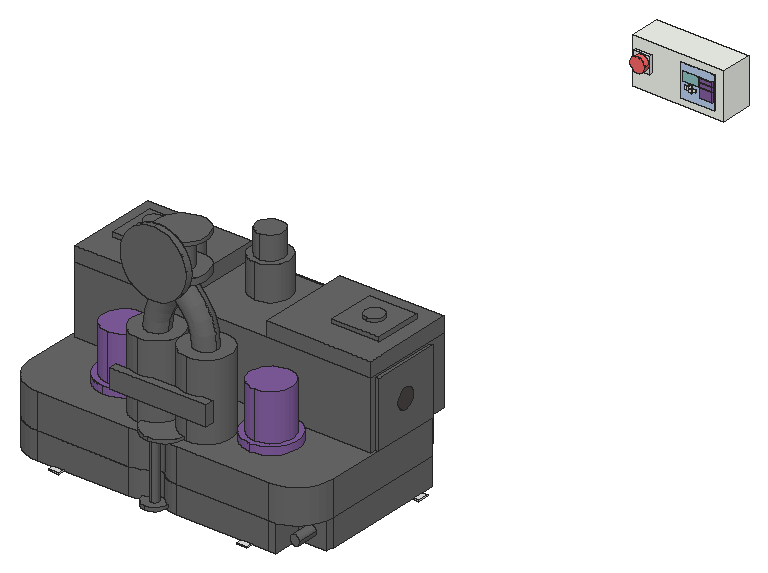
Revit family "11067", category Generic Models, Revit 2021
Family settings
  Can host rebar = No
  Round Connector Dimension = Use Diameter
  Part Type = Normal
  Work Plane-Based = No
  Always vertical = Yes
  Cut with Voids When Loaded = No
  Shared = Yes
  Room Calculation Point = No
Parameters (values of type "11067")
  SUPPLIER = "KESSEL"
  SA700ID49 = "Protection Class I"
  SA700ID48 = "no"
  SA700ID47 = "no"
  SA700ID46 = "yes"
  SA700ID37 = 20000 mm
  SA700ID34 = 55
  SA700ID33 = 4.2 W
  SA700ID32 = 200.52 kg
  SA700ID31 = 1
  SA700ID30 = 2
  SA700ID29 = "GLRD"
  SA700ID21 = 2000
  SA700ID10 = "yes"
  SA700ID08 = 400 V
  PROCUREWEBLINK = "https://p.caden.as/kessel/11067"
  PROCURELINK = "p.caden.as/kessel/11067"
  PROCUREDATALASTUPDATE = "2024-05-22T12:17:48.516129505+01:00"
  PREVIEW = "../../bilder/ksb_w_11067.png"
  PRC_SPECIFICATIONLINK = "https://ausschreiben.de/catalog/kessel/catalogItem/4204a793-b760-46c7-8641-476c7bca954c"
  NN = "Lifting station Aqualift F XL"
  NBSYN = "$SA810ID03."
  NB = "11067"
  Model = "11067"
  Manufacturer = "KESSEL"
  MIdent = "{$CADENAS_DATA/23d-libs/kessel/kessel_vdi_import/4/entwaesserung/hebeanlage20aqualift20f20xl.prj},200 {STYP=ASS},{VTYP=3D},{NB=11067},{LINA=11067},{NN=Lifting station Aqualift F XL},{DATE=21.11.2022 10:48:11},{GEOMDATE=21.11.2022 10:48:11},{VERSION=},{LINEID=60},{WBVAR=LODLEVEL},{WBNUMERIC=LODLEVEL}  {NB=11067},{LINA=11067},{KT=DUMMY},{PREVIEW=../../bilder/ksb_w_11067.png},{SA700ID04=Hebeanlage Aqualift F XL 300 l, Duo, SPF 4500-S3, Gussschieber},{SA810ID06=04026092057346},{SA700ID34=55.00},{SA010ID03=201805},{SA810ID03=11067},{SA810ID10=Aqualift F XL 4500W-S3 Duo 300L m.S.G.KESSEL Aqualift F XL Hebeanlage für fäkalienhaltiges und fäkalienfreies Abwasser. Zur Aufstellung in frostgeschützten Räumen.Duoanlage mit zwei Pumpen des Typs SPF 4500-S3 Sammelbehälter aus Polyethylen, mit verschraubter Reinigungsöffnung, Anschlussstutzen für Zulauf von oben DN100/150.Inklusive Tauchrohr zur pneumatischen Niveauerfassung,Entlüftungsanschluss DN 70 und Anschluss für eine Handmembranpumpe DN 32.Behälter inklusive Haltewinkel zur Auftriebssicherung.Behältervolumen 300 Liter, max. Nutzvolumen bei Zulauf von oben ca. 175 Liter.Zwei seitliche und drei rückseitige Anbohrflächen zur Montage weiterer Zuläufe bis DN 200 unter Verwendung von Durchgangsdichtungen.Inklusive KESSEL Schaltgerät Aqualift Comfort 400 V.Anwenderfreundliche Menüführung im mehrzeiligem Display. MitSelbstdiagnosesystem (SDS) und Erinnerungsfunktion für nächste Wartung.Anzeige der aktuellen Messwerte. Einfache Einstellung derfunktionsrelevanten Parameter, inklusive Betriebsstundenzähler und potentialfreiem Kontakt. Optionale Weiterleitung von Alarm- und Sammelstörmeldung über GSM Schnittstelle.Schaltgerät mit Volltextanzeige in sechs Sprachen.Abwasserpumpe(n) mit Freistromrad zur Förderung von fäkalienfreiem und fäkalienhaltigem Abwasser gemäß DIN EN 12050-1. Freier Kugeldurchgang mindestens 40 mm. Pumpe(n) überflutungssicher.Inklusive Rückflussverhinderer, mit Druckabgang aus Grauguss DN 80. nach DIN 2501. Inklusive einem Absperrschieber.Pumpe(n) Typ SPF 4500-S3Fördermenge: max. 56 m³/hFörderhöhe: max. 20 mNennleistung (P2): 3,7 KW je PumpeAufnahmeleistung (P1): 4,5 KW je PumpeBetriebsspannung: 400 V DSNennfrequenz: 50 HzNennstrom: 7,4 AAbsicherung: 3 x C 25 ASchutzart (Pumpe): IP68 3mWS/48hSchutzart (Schaltgerät): IP 65Bertiebsart: S3 (50 % Einschaltdauer)Kabellänge: 5 mAußenmaße Anlage mit 300 Liter Behälter (BxTxH): 1260 x 760 x 770 mmGewicht ca. 200,52 kg},{SA700ID37=20.00},{SA700ID33=4.20},{SA700ID08=400},{SA700ID30=2},{SA700ID32=200.52},{SA700ID49=Schutzklasse I},{SA700ID50=intern},{SA200ID03=6},{SA250ID03=vertikal},{SA260ID03=Trockenläuferpumpe},{SA350ID03=normalansaugend},{SA400ID03=E-Motor für Drehstrom},{SA460ID03=direkt},{SA500ID03=Kunststoff, Edelstahl},{SA700ID06=80},{SA700ID07=100},{SA700ID09=3/N/PE 400V},{SA700ID10=Ja},{SA700ID11=50},{SA700ID12=IP 68},{SA700ID13=F},{SA700ID15=40},{SA700ID21=2000.00},{SA700ID22=3.50},{SA700ID23=2850},{SA700ID24=2850},{SA700ID26=7.50},{SA700ID27=56.00},{SA700ID28=durchgehend},{SA700ID29=GLRD},{SA700ID31=1},{SA700ID46=ja},{SA700ID47=nein},{SA700ID48=nein},{SA110ID04=Hebeanlage Aqualift F XL},{SA300ID03=einstufig},{SA700ID44=10.00},{SA700ID45=10.00},{SA010ID04=KESSEL AG},{LODLEVEL=200},{LINK=https://www.kessel.de/info?han=11067},{SA970ID01=970},{SA970ID02=7178},{SA970ID03=11067},{SA970ID04=11002617},{SA970ID05=QUAD},{SA970ID06=-655.51},{SA970ID07=-650},{SA970ID08=0},{SA970ID09=1},{SA970ID10=0},{SA970ID11=0},{SA970ID12=0},{SA970ID13=1},{SA970ID14=0},{SA970ID15=1311.02},{SA970ID16=800},{SA970ID17=1037.75},{LODLEVEL_=200,'Low'},{LODLEVEL_DEU=200,'Low'},{LINK_=https://www.kessel.de/info?han=11067},{LINK_DEU=https://www.kessel.de/info?han=11067},{LODLEVEL_3DB=11067_200},{DNIN1=100},{DNIN2=70},{DNIN4=10},{DNIN5=10},{DNIN6=50},{DNIN7=50},{DNIN8=50},{DNIN9=50},{DNOUT1=32},{DNOUT2=100},{DNOUT3=70},{ISD1=96},{ISD2=10},{ISDOUT1=40},{ISDOUT2=85},{ISDOUT3=65},{SA010ID01=010},{SA010ID02=4},{SA010ID06=www.kessel.de},{SA010ID07=www.kessel.de},{SA010ID12=20180713},{SA010ID13=DEU},{SA010ID14=DE},{SA100ID01=100},{SA100ID02=4},{SA100ID04=Entwässerung},{SA110ID01=110},{SA110ID02=6},{SA200ID01=200},{SA200ID02=6},{SA250ID01=250},{SA250ID02=2},{SA260ID01=260},{SA260ID02=2},{SA300ID01=300},{SA300ID02=1},{SA350ID01=350},{SA350ID02=1},{SA400ID01=400},{SA400ID02=2},{SA460ID01=460},{SA460ID02=1},{SA500ID01=500},{SA500ID02=1},{SA700ID01=700},{SA700ID02=61},{SA700ID10_=1},{SA700ID16=0},{SA700ID25=0},{SA700ID46_=1},{SA700ID47_=0},{SA700ID48_=0},{SA700ID49_=1},{SA700ID50_=2},{SA800ID01=800},{SA800ID02=25},{SA810ID01=810},{SA810ID02=61},{SA810ID04=11067},{SA810ID07=61},{SA810ID09=1},{SA810ID14=PCE},{SA810ID15=1},{SA810ID16=NMP},{SA960ID03=61},{SA960ID04=3L},{SA960ID08=https://www.kessel.de/info?han=11067},{SA010ID08=4026092000007},{SA100ID05=Hebeanlage},{SA110ID06=Hebeanlage}"
  LINK = "https://www.kessel.de/info?han=11067"
  LINA = "11067"
  Default Elevation = 0 mm
  CREATOR = "CADENAS GmbH"
  CATALOG = "KESSEL"
  BOMINFO = "LINA"
  ARTICLENO = "NB"
  4.810.00.9 Order quantity (multiplicator) = "1"
  4.810.00.7 Media- connection number = "61"
  4.810.00.6 GTIN number = "04026092057346"
  4.810.00.4 DATANORM number = "11067"
  4.810.00.3 Producer order number = "11067"
  4.710.03.7 Mass (net) = 200.52 kg
  4.710.03.6 Height = 1042 mm
  4.710.03.5 Width = 889 mm
  4.710.03.4 Length = 1260 mm
  4.710.03.3 Type of dimensions = "2"
  4.710.02.8 Area of application of wastewater pump = "1"
  4.710.02.7 Art des S2/S3-Betriebs = "50 %"
  4.710.02.6 Duty type = "S3"
  4.710.02.5 Cutting device = "0"
  4.710.02.4 Attached pump control = "1"
  4.710.02.3 Free passage = 40 mm
  4.710.01.6 Option to connect to building automation = "40"
  4.710.01.5 Load regulation = "0"
  4.710.01.4 Designation of closed-loop control = "175"
  4.710.01.3 Identifier for closed-loop control = "300"
  4.700.00.9 Voltage = 0
  4.700.00.8 Nominal connection size on suction side = "100"
  4.700.00.7 Nominal connection size on pressure side = "100"
  4.700.00.6 Type of connection = "80"
  4.700.00.4 Product indentification = "Hebeanlage Aqualift F XL 300 l, Duo, SPF 4500-S3, Gussschieber"
  4.700.00.28 Motor pump shaft = "durchgehend"
  4.700.00.27 Starting current = 56
  4.700.00.26 Maximum power consumption per pump / drive = 7.5
  4.700.00.25 Minimum speed at internal speed adjustment = 0
  4.700.00.24 Nominal speed / maximum speed n = 47.5
  4.700.00.23 Nominal speed of motor = 47.5
  4.700.00.22 Maximum shaft output (P2) per pump/drive = 3.5 W
  4.700.00.16 Maximum temperature of pumped medium = 0 °C
  4.700.00.15 Increased safety class = "40 °C"
  4.700.00.13 Type of protection = "F"
  4.700.00.12 Frequency = 0
  4.700.00.11 Stern-/Dreieck-Anlaufschaltung bei Dreiphasenanschluss oder Drehstrom = "50 Hz"
  4.700.00.10 Phase = "1"
  4.500.00.3 Variant / Variant type / Accessories-name = "Kunststoff, Edelstahl"
  4.460.00.3 Variant / Variant type / Accessories-name = "direkt"
  4.400.00.3 Variant / Variant type / Accessories-name = "E-Motor für Drehstrom"
  4.350.00.3 Variant / Variant type / Accessories-name = "normalansaugend"
  4.300.00.3 Variant / Variant type / Accessories-name = "einstufig"
  4.260.00.3 Variant / Variant type / Accessories-name = "Trockenläuferpumpe"
  4.250.00.3 Variant / Variant type / Accessories-name = "vertikal"
  4.200.00.3 Variant / Variant type / Accessories-name = "6"
  4.110.00.6 Product classification = "Hebeanlage"
  4.110.00.4 Product indentification = "Hebeanlage Aqualift F XL"
  4.100.00.5 Main groups of wares = "Hebeanlage"
  4.100.00.4 Product indentification = "Entwässerung"
  4.010.00.8 Producer ID number = "4026092000007"
  4.010.00.7 Comment = "www.kessel.de"
  4.010.00.6 Web address of the manufacturer = "www.kessel.de"
  4.010.00.4 Manufacturer name = "KESSEL AG"
  4.010.00.3 Date of issuance (month) of guideline = "201805"
  4.010.00.2 Sheet number of the guideline = "4"
  4.010.00.14 Kennungen der Projektländer, für die die Datei gültig ist = "DE"
  4.010.00.13 Sprache der Datei = "DEU"
  4.010.00.12 Stand des Herstellerkatalogs = "20180713"
Reference planes
  plane 1 "Center (Front/Back)": y = 0
  plane 2: z = 0
  plane 3 "Center (Left/Right)": x = 0
Dimensions and locks
  aligned and locked: level to plane 2
Nested families
  nested 1: "11067_content" at (0, 0, 0), type "11067_Content"
  nested 2: "11067_part1_X0Y0" at (1000, 1000, 1200), type "11067_PART1_X0Y0"
  nested 3: "11067_part2_X0Y0" at (0, 0, 0), type "11067_PART2_X0Y0"
Connectors
  electrical at (861, 933, 1201.5)
    settings: on nested 2, index 1, voltage 0 V, apparent load 0 VA, apparent load phase1 0 VA, apparent load phase2 0 VA, apparent load phase3 0 VA, power factor 1, load classification "Other", number of poles 1, system type 31, power factor state 1, is connector primary yes, connector utility no, sub classification motor no, connector description ""
  piping at (0, 0, 771), diameter 100
    settings: on nested 3, index 2, connector inside diameter 609.6 mm, connector length 0 mm, flow factor 0, pipe flow 0.0 L/s, pressure drop 0.0 Pa, fitting loss kfactor 0, connector angle 0.00°, fixture units 0, engagement length 0 mm, angle of deflection 0.00°, flow configuration 0, flow direction 1, fitting loss method 2, system type 8, joint type 0, gender type 0, connector reference index -1, connector utility 0, adjustable connector no, is connector primary yes, connector description ""
  piping at (631, -84.999, 392), diameter 70
    settings: on nested 3, index 3, connector inside diameter 609.6 mm, connector length 0 mm, flow factor 0, pipe flow 0.0 L/s, pressure drop 0.0 Pa, fitting loss kfactor 0, connector angle 0.00°, fixture units 0, engagement length 0 mm, angle of deflection 0.00°, flow configuration 0, flow direction 0, fitting loss method 2, system type 8, joint type 0, gender type 0, connector reference index -1, connector utility 0, adjustable connector no, is connector primary no, connector description ""
  piping at (358.7, 150.5, 392), diameter 70
    settings: on nested 3, index 4, connector inside diameter 609.6 mm, connector length 0 mm, flow factor 0, pipe flow 0.0 L/s, pressure drop 0.0 Pa, fitting loss kfactor 0, connector angle 0.00°, fixture units 0, engagement length 0 mm, angle of deflection 0.00°, flow configuration 0, flow direction 0, fitting loss method 2, system type 8, joint type 0, gender type 0, connector reference index -1, connector utility 0, adjustable connector no, is connector primary no, connector description ""
  piping at (0, 150.5, 392), diameter 70
    settings: on nested 3, index 5, connector inside diameter 609.6 mm, connector length 0 mm, flow factor 0, pipe flow 0.0 L/s, pressure drop 0.0 Pa, fitting loss kfactor 0, connector angle 0.00°, fixture units 0, engagement length 0 mm, angle of deflection 0.00°, flow configuration 0, flow direction 0, fitting loss method 2, system type 8, joint type 0, gender type 0, connector reference index -1, connector utility 0, adjustable connector no, is connector primary no, connector description ""
  piping at (-357.7, 150.5, 392), diameter 70
    settings: on nested 3, index 6, connector inside diameter 609.6 mm, connector length 0 mm, flow factor 0, pipe flow 0.0 L/s, pressure drop 0.0 Pa, fitting loss kfactor 0, connector angle 0.00°, fixture units 0, engagement length 0 mm, angle of deflection 0.00°, flow configuration 0, flow direction 0, fitting loss method 2, system type 8, joint type 0, gender type 0, connector reference index -1, connector utility 0, adjustable connector no, is connector primary no, connector description ""
  piping at (-630, -85, 392), diameter 70
    settings: on nested 3, index 7, connector inside diameter 609.6 mm, connector length 0 mm, flow factor 0, pipe flow 0.0 L/s, pressure drop 0.0 Pa, fitting loss kfactor 0, connector angle 0.00°, fixture units 0, engagement length 0 mm, angle of deflection 0.00°, flow configuration 0, flow direction 0, fitting loss method 2, system type 8, joint type 0, gender type 0, connector reference index -1, connector utility 0, adjustable connector no, is connector primary no, connector description ""
  piping at (0, -460, 970), diameter 85
    settings: on nested 3, index 8, connector inside diameter 609.6 mm, connector length 0 mm, flow factor 0, pipe flow 0.0 L/s, pressure drop 0.0 Pa, fitting loss kfactor 0, connector angle 0.00°, fixture units 0, engagement length 0 mm, angle of deflection 0.00°, flow configuration 0, flow direction 2, fitting loss method 2, system type 7, joint type 0, gender type 0, connector reference index -1, connector utility 0, adjustable connector no, is connector primary no, connector description ""
  piping at (-269.5, -60, 681), diameter 70
    settings: on nested 3, index 9, connector inside diameter 609.6 mm, connector length 0 mm, flow factor 0, pipe flow 0.0 L/s, pressure drop 0.0 Pa, fitting loss kfactor 0, connector angle 0.00°, fixture units 0, engagement length 0 mm, angle of deflection 0.00°, flow configuration 0, flow direction 2, fitting loss method 2, system type 7, joint type 0, gender type 0, connector reference index -1, connector utility 0, adjustable connector no, is connector primary no, connector description ""
  piping at (565, -575.5, 56), diameter 32
    settings: on nested 3, index 10, connector inside diameter 609.6 mm, connector length 0 mm, flow factor 0, pipe flow 0.0 L/s, pressure drop 0.0 Pa, fitting loss kfactor 0, connector angle 0.00°, fixture units 0, engagement length 0 mm, angle of deflection 0.00°, flow configuration 0, flow direction 2, fitting loss method 2, system type 7, joint type 0, gender type 0, connector reference index -1, connector utility 0, adjustable connector no, is connector primary no, connector description ""
  electrical at (305.4, -376.25, 477)
    settings: on nested 3, index 11, voltage 0 V, apparent load 0 VA, apparent load phase1 0 VA, apparent load phase2 0 VA, apparent load phase3 0 VA, power factor 1, load classification "Other", number of poles 1, system type 31, power factor state 1, is connector primary no, connector utility no, sub classification motor no, connector description ""
  electrical at (-305.4, -376.25, 477)
    settings: on nested 3, index 12, voltage 0 V, apparent load 0 VA, apparent load phase1 0 VA, apparent load phase2 0 VA, apparent load phase3 0 VA, power factor 1, load classification "Other", number of poles 1, system type 31, power factor state 1, is connector primary no, connector utility no, sub classification motor no, connector description ""
  electrical at (-457, -29.5, 650)
    settings: on nested 3, index 13, voltage 0 V, apparent load 0 VA, apparent load phase1 0 VA, apparent load phase2 0 VA, apparent load phase3 0 VA, power factor 1, load classification "Other", number of poles 1, system type 31, power factor state 1, is connector primary no, connector utility no, sub classification motor no, connector description ""
Definition of nested family "11067_part1_X0Y0"
  Parameters (values of type "11067_PART1_X0Y0")
    SUPPLIER = "KESSEL"
    SA700ID49 = "Protection Class I"
    SA700ID48 = "no"
    SA700ID47 = "no"
    SA700ID46 = "yes"
    SA700ID37 = 20000 mm
    SA700ID34 = 55
    SA700ID33 = 4.2 W
    SA700ID32 = 200.52 kg
    SA700ID31 = 1
    SA700ID30 = 2
    SA700ID29 = "GLRD"
    SA700ID21 = 2000
    SA700ID10 = "yes"
    SA700ID08 = 400 V
    PREVIEW = "../../bilder/ksb_w_11067.png"
    NBSYN = "$SA810ID03._PART1"
    NB = "11067_PART1"
    Model = "11067_PART1"
    Manufacturer = "KESSEL"
    MIdent = "{$CADENAS_DATA/23d-libs/kessel/kessel_vdi_import/4/entwaesserung/hebeanlage20aqualift20f20xl.prj},220 {VTYP=3D},{NB=11067_PART1},{LINA=11067_PART1},{NN=Lifting station Aqualift F XL_PART1},{NOPRJ=TRUE},{DATE=21.11.2022 10:48:11},{GEOMDATE=21.11.2022 10:48:11},{VERSION=},{LINEID=60},{WBVAR=LODLEVEL},{WBNUMERIC=LODLEVEL}  {NB=11067_PART1},{LINA=11067_PART1},{KT=DUMMY},{PREVIEW=../../bilder/ksb_w_11067.png},{SA700ID04=Hebeanlage Aqualift F XL 300 l, Duo, SPF 4500-S3, Gussschieber},{SA810ID06=04026092057346},{SA700ID34=55.00},{SA010ID03=201805},{SA810ID03=11067},{SA810ID10=Aqualift F XL 4500W-S3 Duo 300L m.S.G.KESSEL Aqualift F XL Hebeanlage für fäkalienhaltiges und fäkalienfreies Abwasser. Zur Aufstellung in frostgeschützten Räumen.Duoanlage mit zwei Pumpen des Typs SPF 4500-S3 Sammelbehälter aus Polyethylen, mit verschraubter Reinigungsöffnung, Anschlussstutzen für Zulauf von oben DN100/150.Inklusive Tauchrohr zur pneumatischen Niveauerfassung,Entlüftungsanschluss DN 70 und Anschluss für eine Handmembranpumpe DN 32.Behälter inklusive Haltewinkel zur Auftriebssicherung.Behältervolumen 300 Liter, max. Nutzvolumen bei Zulauf von oben ca. 175 Liter.Zwei seitliche und drei rückseitige Anbohrflächen zur Montage weiterer Zuläufe bis DN 200 unter Verwendung von Durchgangsdichtungen.Inklusive KESSEL Schaltgerät Aqualift Comfort 400 V.Anwenderfreundliche Menüführung im mehrzeiligem Display. MitSelbstdiagnosesystem (SDS) und Erinnerungsfunktion für nächste Wartung.Anzeige der aktuellen Messwerte. Einfache Einstellung derfunktionsrelevanten Parameter, inklusive Betriebsstundenzähler und potentialfreiem Kontakt. Optionale Weiterleitung von Alarm- und Sammelstörmeldung über GSM Schnittstelle.Schaltgerät mit Volltextanzeige in sechs Sprachen.Abwasserpumpe(n) mit Freistromrad zur Förderung von fäkalienfreiem und fäkalienhaltigem Abwasser gemäß DIN EN 12050-1. Freier Kugeldurchgang mindestens 40 mm. Pumpe(n) überflutungssicher.Inklusive Rückflussverhinderer, mit Druckabgang aus Grauguss DN 80. nach DIN 2501. Inklusive einem Absperrschieber.Pumpe(n) Typ SPF 4500-S3Fördermenge: max. 56 m³/hFörderhöhe: max. 20 mNennleistung (P2): 3,7 KW je PumpeAufnahmeleistung (P1): 4,5 KW je PumpeBetriebsspannung: 400 V DSNennfrequenz: 50 HzNennstrom: 7,4 AAbsicherung: 3 x C 25 ASchutzart (Pumpe): IP68 3mWS/48hSchutzart (Schaltgerät): IP 65Bertiebsart: S3 (50 % Einschaltdauer)Kabellänge: 5 mAußenmaße Anlage mit 300 Liter Behälter (BxTxH): 1260 x 760 x 770 mmGewicht ca. 200,52 kg},{SA700ID37=20.00},{SA700ID33=4.20},{SA700ID08=400},{SA700ID30=2},{SA700ID32=200.52},{SA700ID49=Schutzklasse I},{SA700ID50=intern},{SA200ID03=6},{SA250ID03=vertikal},{SA260ID03=Trockenläuferpumpe},{SA350ID03=normalansaugend},{SA400ID03=E-Motor für Drehstrom},{SA460ID03=direkt},{SA500ID03=Kunststoff, Edelstahl},{SA700ID06=80},{SA700ID07=100},{SA700ID09=3/N/PE 400V},{SA700ID10=Ja},{SA700ID11=50},{SA700ID12=IP 68},{SA700ID13=F},{SA700ID15=40},{SA700ID21=2000.00},{SA700ID22=3.50},{SA700ID23=2850},{SA700ID24=2850},{SA700ID26=7.50},{SA700ID27=56.00},{SA700ID28=durchgehend},{SA700ID29=GLRD},{SA700ID31=1},{SA700ID46=ja},{SA700ID47=nein},{SA700ID48=nein},{SA110ID04=Hebeanlage Aqualift F XL},{SA300ID03=einstufig},{SA700ID44=10.00},{SA700ID45=10.00},{SA010ID04=KESSEL AG},{LODLEVEL=200},{LINK=https://www.kessel.de/info?han=11067},{SA970ID01=970},{SA970ID02=7178},{SA970ID03=11067},{SA970ID04=11002617},{SA970ID05=QUAD},{SA970ID06=-655.51},{SA970ID07=-650},{SA970ID08=0},{SA970ID09=1},{SA970ID10=0},{SA970ID11=0},{SA970ID12=0},{SA970ID13=1},{SA970ID14=0},{SA970ID15=1311.02},{SA970ID16=800},{SA970ID17=1037.75},{LODLEVEL_=200,'Low'},{LODLEVEL_DEU=200,'Low'},{LINK_=https://www.kessel.de/info?han=11067},{LINK_DEU=https://www.kessel.de/info?han=11067},{LODLEVEL_3DB=11067_200},{DNIN1=100},{DNIN2=70},{DNIN4=10},{DNIN5=10},{DNIN6=50},{DNIN7=50},{DNIN8=50},{DNIN9=50},{DNOUT1=32},{DNOUT2=100},{DNOUT3=70},{ISD1=96},{ISD2=10},{ISDOUT1=40},{ISDOUT2=85},{ISDOUT3=65},{SA010ID01=010},{SA010ID02=4},{SA010ID06=www.kessel.de},{SA010ID07=www.kessel.de},{SA010ID12=20180713},{SA010ID13=DEU},{SA010ID14=DE},{SA100ID01=100},{SA100ID02=4},{SA100ID04=Entwässerung},{SA110ID01=110},{SA110ID02=6},{SA200ID01=200},{SA200ID02=6},{SA250ID01=250},{SA250ID02=2},{SA260ID01=260},{SA260ID02=2},{SA300ID01=300},{SA300ID02=1},{SA350ID01=350},{SA350ID02=1},{SA400ID01=400},{SA400ID02=2},{SA460ID01=460},{SA460ID02=1},{SA500ID01=500},{SA500ID02=1},{SA700ID01=700},{SA700ID02=61},{SA700ID10_=1},{SA700ID16=0},{SA700ID25=0},{SA700ID46_=1},{SA700ID47_=0},{SA700ID48_=0},{SA700ID49_=1},{SA700ID50_=2},{SA800ID01=800},{SA800ID02=25},{SA810ID01=810},{SA810ID02=61},{SA810ID04=11067},{SA810ID07=61},{SA810ID09=1},{SA810ID14=PCE},{SA810ID15=1},{SA810ID16=NMP},{SA960ID03=61},{SA960ID04=3L},{SA960ID08=https://www.kessel.de/info?han=11067},{SA010ID08=4026092000007},{SA100ID05=Hebeanlage},{SA110ID06=Hebeanlage}"
    LINK = "https://www.kessel.de/info?han=11067"
    LINA = "11067_PART1"
    Default Elevation = 1219.2 mm
    CREATOR = "CADENAS GmbH"
    CATALOG = "KESSEL"
    BOMINFO = "LINA"
    ARTICLENO = "NB"
    4.810.00.9 Order quantity (multiplicator) = "1"
    4.810.00.7 Media- connection number = "61"
    4.810.00.6 GTIN number = "04026092057346"
    4.810.00.4 DATANORM number = "11067"
    4.810.00.3 Producer order number = "11067"
    4.710.03.7 Mass (net) = 200.52 kg
    4.710.03.6 Height = 1042 mm
    4.710.03.5 Width = 889 mm
    4.710.03.4 Length = 1260 mm
    4.710.03.3 Type of dimensions = "2"
    4.710.02.8 Area of application of wastewater pump = "1"
    4.710.02.7 Art des S2/S3-Betriebs = "50 %"
    4.710.02.6 Duty type = "S3"
    4.710.02.5 Cutting device = "0"
    4.710.02.4 Attached pump control = "1"
    4.710.02.3 Free passage = 40 mm
    4.710.01.6 Option to connect to building automation = "40"
    4.710.01.5 Load regulation = "0"
    4.710.01.4 Designation of closed-loop control = "175"
    4.710.01.3 Identifier for closed-loop control = "300"
    4.700.00.9 Voltage = 0
    4.700.00.8 Nominal connection size on suction side = "100"
    4.700.00.7 Nominal connection size on pressure side = "100"
    4.700.00.6 Type of connection = "80"
    4.700.00.4 Product indentification = "Hebeanlage Aqualift F XL 300 l, Duo, SPF 4500-S3, Gussschieber"
    4.700.00.28 Motor pump shaft = "durchgehend"
    4.700.00.27 Starting current = 56
    4.700.00.26 Maximum power consumption per pump / drive = 7.5
    4.700.00.25 Minimum speed at internal speed adjustment = 0
    4.700.00.24 Nominal speed / maximum speed n = 47.5
    4.700.00.23 Nominal speed of motor = 47.5
    4.700.00.22 Maximum shaft output (P2) per pump/drive = 3.5 W
    4.700.00.16 Maximum temperature of pumped medium = 0 °C
    4.700.00.15 Increased safety class = "40 °C"
    4.700.00.13 Type of protection = "F"
    4.700.00.12 Frequency = 0
    4.700.00.11 Stern-/Dreieck-Anlaufschaltung bei Dreiphasenanschluss oder Drehstrom = "50 Hz"
    4.700.00.10 Phase = "1"
    4.500.00.3 Variant / Variant type / Accessories-name = "Kunststoff, Edelstahl"
    4.460.00.3 Variant / Variant type / Accessories-name = "direkt"
    4.400.00.3 Variant / Variant type / Accessories-name = "E-Motor für Drehstrom"
    4.350.00.3 Variant / Variant type / Accessories-name = "normalansaugend"
    4.300.00.3 Variant / Variant type / Accessories-name = "einstufig"
    4.260.00.3 Variant / Variant type / Accessories-name = "Trockenläuferpumpe"
    4.250.00.3 Variant / Variant type / Accessories-name = "vertikal"
    4.200.00.3 Variant / Variant type / Accessories-name = "6"
    4.110.00.6 Product classification = "Hebeanlage"
    4.110.00.4 Product indentification = "Hebeanlage Aqualift F XL"
    4.100.00.5 Main groups of wares = "Hebeanlage"
    4.100.00.4 Product indentification = "Entwässerung"
    4.010.00.8 Producer ID number = "4026092000007"
    4.010.00.7 Comment = "www.kessel.de"
    4.010.00.6 Web address of the manufacturer = "www.kessel.de"
    4.010.00.4 Manufacturer name = "KESSEL AG"
    4.010.00.3 Date of issuance (month) of guideline = "201805"
    4.010.00.2 Sheet number of the guideline = "4"
    4.010.00.14 Kennungen der Projektländer, für die die Datei gültig ist = "DE"
    4.010.00.13 Sprache der Datei = "DEU"
    4.010.00.12 Stand des Herstellerkatalogs = "20180713"
  Reference planes
    plane 1 "Center (Front/Back)": y = 0
    plane 2: z = 0
    plane 3 "Center (Left/Right)": x = 0
  Dimensions and locks
    aligned and locked: level to plane 2
  Nested families
    nested 1: "11067_part1_content" at (0, 0, 0), type "11067_PART1_Content"
  Definition of nested family "11067_part1_content"
    Parameters (values of type "11067_PART1_Content")
      SUPPLIER = "KESSEL"
      SA700ID49 = "Protection Class I"
      SA700ID48 = "no"
      SA700ID47 = "no"
      SA700ID46 = "yes"
      SA700ID37 = 20000 mm
      SA700ID34 = 55
      SA700ID33 = 4.2 W
      SA700ID32 = 200.52 kg
      SA700ID31 = 1
      SA700ID30 = 2
      SA700ID29 = "GLRD"
      SA700ID21 = 2000
      SA700ID10 = "yes"
      SA700ID08 = 400 V
      PREVIEW = "../../bilder/ksb_w_11067.png"
      NBSYN = "$SA810ID03._PART1"
      NB = "11067_PART1"
      Model = "11067_PART1"
      Manufacturer = "KESSEL"
      LINK = "https://www.kessel.de/info?han=11067"
      LINA = "11067_PART1"
      Default Elevation = 1219.2 mm
      CREATOR = "CADENAS GmbH"
      CATALOG = "KESSEL"
      BOMINFO = "LINA"
      ARTICLENO = "NB"
      4.810.00.9 Order quantity (multiplicator) = "1"
      4.810.00.7 Media- connection number = "61"
      4.810.00.6 GTIN number = "04026092057346"
      4.810.00.4 DATANORM number = "11067"
      4.810.00.3 Producer order number = "11067"
      4.710.03.7 Mass (net) = 200.52 kg
      4.710.03.6 Height = 1042 mm
      4.710.03.5 Width = 889 mm
      4.710.03.4 Length = 1260 mm
      4.710.03.3 Type of dimensions = "2"
      4.710.02.8 Area of application of wastewater pump = "1"
      4.710.02.7 Art des S2/S3-Betriebs = "50 %"
      4.710.02.6 Duty type = "S3"
      4.710.02.5 Cutting device = "0"
      4.710.02.4 Attached pump control = "1"
      4.710.02.3 Free passage = 40 mm
      4.710.01.6 Option to connect to building automation = "40"
      4.710.01.5 Load regulation = "0"
      4.710.01.4 Designation of closed-loop control = "175"
      4.710.01.3 Identifier for closed-loop control = "300"
      4.700.00.9 Voltage = 0
      4.700.00.8 Nominal connection size on suction side = "100"
      4.700.00.7 Nominal connection size on pressure side = "100"
      4.700.00.6 Type of connection = "80"
      4.700.00.4 Product indentification = "Hebeanlage Aqualift F XL 300 l, Duo, SPF 4500-S3, Gussschieber"
      4.700.00.28 Motor pump shaft = "durchgehend"
      4.700.00.27 Starting current = 56
      4.700.00.26 Maximum power consumption per pump / drive = 7.5
      4.700.00.25 Minimum speed at internal speed adjustment = 0
      4.700.00.24 Nominal speed / maximum speed n = 47.5
      4.700.00.23 Nominal speed of motor = 47.5
      4.700.00.22 Maximum shaft output (P2) per pump/drive = 3.5 W
      4.700.00.16 Maximum temperature of pumped medium = 0 °C
      4.700.00.15 Increased safety class = "40 °C"
      4.700.00.13 Type of protection = "F"
      4.700.00.12 Frequency = 0
      4.700.00.11 Stern-/Dreieck-Anlaufschaltung bei Dreiphasenanschluss oder Drehstrom = "50 Hz"
      4.700.00.10 Phase = "1"
      4.500.00.3 Variant / Variant type / Accessories-name = "Kunststoff, Edelstahl"
      4.460.00.3 Variant / Variant type / Accessories-name = "direkt"
      4.400.00.3 Variant / Variant type / Accessories-name = "E-Motor für Drehstrom"
      4.350.00.3 Variant / Variant type / Accessories-name = "normalansaugend"
      4.300.00.3 Variant / Variant type / Accessories-name = "einstufig"
      4.260.00.3 Variant / Variant type / Accessories-name = "Trockenläuferpumpe"
      4.250.00.3 Variant / Variant type / Accessories-name = "vertikal"
      4.200.00.3 Variant / Variant type / Accessories-name = "6"
      4.110.00.6 Product classification = "Hebeanlage"
      4.110.00.4 Product indentification = "Hebeanlage Aqualift F XL"
      4.100.00.5 Main groups of wares = "Hebeanlage"
      4.100.00.4 Product indentification = "Entwässerung"
      4.010.00.8 Producer ID number = "4026092000007"
      4.010.00.7 Comment = "www.kessel.de"
      4.010.00.6 Web address of the manufacturer = "www.kessel.de"
      4.010.00.4 Manufacturer name = "KESSEL AG"
      4.010.00.3 Date of issuance (month) of guideline = "201805"
      4.010.00.2 Sheet number of the guideline = "4"
      4.010.00.14 Kennungen der Projektländer, für die die Datei gültig ist = "DE"
      4.010.00.13 Sprache der Datei = "DEU"
      4.010.00.12 Stand des Herstellerkatalogs = "20180713"
    Reference planes
      plane 1 "Center (Front/Back)": y = 0
      plane 2: z = 0
      plane 3 "Center (Left/Right)": x = 0
    Forms (mm)
      Extrusion 1, solid, detail levels medium+fine
        sketch origin (189.25, -1.75, 0.2) x (0, -1, 0) y (0, 0, 1)
          loop
            line (0, 187.8) -> (0, 0) -> (127.75, 0) -> (127.75, 187.8) -> (0, 187.8)
        from 0 to 378.5
      Extrusion 2, solid, detail levels medium+fine
        sketch origin (-4, -67, 0) x (0, 1, 0) y (-1, 0, 0)
          loop
            circle (0, 0) r 12.5
        from 0 to 1.5
      Extrusion 3, solid, detail levels medium+fine
        sketch origin (150.8, -129.5, 26.5) x (0, -1, 0) y (0, 0, 1)
          loop
            line (-1.2, 134.8) -> (-1.2, 0) -> (0.25, 0) -> (0.25, 134.8) -> (-1.2, 134.8)
        from 0 to 139.9
      Extrusion 4, solid, detail levels medium+fine
        sketch origin (72.55, -129.75, 66) x (0, -1, 0) y (0, 0, 1)
          loop
            line (-1, 12) -> (-1, 0) -> (0.5, 0) -> (0.5, 12) -> (-1, 12)
        from 0 to 12
      Extrusion 5, solid, detail levels medium+fine
        sketch origin (84.45, -129.75, 93.4) x (0, -1, 0) y (0, 0, 1)
          loop
            line (-1, 37) -> (-1, 0) -> (0.5, 0) -> (0.5, 37) -> (-1, 37)
        from 0 to 66
      Extrusion 6, solid, detail levels medium+fine
        sketch origin (55.3, -129.75, 74) x (0, -1, 0) y (0, 0, 1)
          loop
            line (-1, 12) -> (-1, 0) -> (0.5, 0) -> (0.5, 12) -> (-1, 12)
        from 0 to 12
      Extrusion 7, solid, detail levels medium+fine
        sketch origin (143.3, -129.75, 94.4) x (0, -1, 0) y (0, 0, 1)
          loop
            line (0, 16) -> (0, 0) -> (1.75, 0) -> (1.75, 16) -> (0, 16)
        from 0 to 51
      Extrusion 8, solid, detail levels medium+fine
        sketch origin (143.3, -129.75, 54.4) x (0, -1, 0) y (0, 0, 1)
          loop
            line (0, 36) -> (0, 0) -> (1.75, 0) -> (1.75, 36) -> (0, 36)
        from 0 to 51
      Extrusion 9, solid, detail levels medium+fine
        sketch origin (55.3, -129.75, 57.5) x (0, -1, 0) y (0, 0, 1)
          loop
            line (-1, 12) -> (-1, 0) -> (0.5, 0) -> (0.5, 12) -> (-1, 12)
        from 0 to 12
      Extrusion 10, solid, detail levels medium+fine
        sketch origin (143.3, -129.75, 114.4) x (0, -1, 0) y (0, 0, 1)
          loop
            line (0, 16) -> (0, 0) -> (1.75, 0) -> (1.75, 16) -> (0, 16)
        from 0 to 51
      Extrusion 11, solid, detail levels medium+fine
        sketch origin (38.05, -129.75, 66) x (0, -1, 0) y (0, 0, 1)
          loop
            line (-1, 12) -> (-1, 0) -> (0.5, 0) -> (0.5, 12) -> (-1, 12)
        from 0 to 12
      Extrusion 12, solid, detail levels medium+fine
        sketch origin (47, -72, 0) x (0, 1, 0) y (-1, 0, 0)
          loop
            circle (0, 0) r 8
        from 0 to 1.5
      Extrusion 13, solid, detail levels medium+fine
        sketch origin (47, -42, 0) x (0, 1, 0) y (-1, 0, 0)
          loop
            circle (0, 0) r 5.25
        from 0 to 1.5
      Extrusion 14, solid, detail levels medium+fine
        sketch origin (77, -72, 0) x (0, 1, 0) y (-1, 0, 0)
          loop
            circle (0, 0) r 8
        from 0 to 1.5
      Extrusion 15, solid, detail levels medium+fine
        sketch origin (-94, -67, 0) x (0, 1, 0) y (-1, 0, 0)
          loop
            circle (0, 0) r 12.5
        from 0 to 1.5
      Extrusion 16, solid, detail levels medium+fine
        sketch origin (92, -42, 0) x (0, 1, 0) y (-1, 0, 0)
          loop
            circle (0, 0) r 8
        from 0 to 1.5
      Extrusion 17, solid, detail levels medium+fine
        sketch origin (107, -72, 0) x (0, 1, 0) y (-1, 0, 0)
          loop
            circle (0, 0) r 8
        from 0 to 1.5
      Extrusion 18, solid, detail levels medium+fine
        sketch origin (122, -42, 0) x (0, 1, 0) y (-1, 0, 0)
          loop
            circle (0, 0) r 8
        from 0 to 1.5
      Extrusion 19, solid, detail levels medium+fine
        sketch origin (-107.7, -129.5, 76.9) x (0, -1, 0) y (0, 0, 1)
          loop
            line (0, 67) -> (0, 0) -> (14, 0) -> (14, 67) -> (0, 67)
        from 0 to 67
      Extrusion 20, solid, detail levels medium+fine
        sketch origin (-141.2, -143.5, 110.4) x (1, 0, 0) y (0, 0, 1)
          loop
            circle (0, 0) r 30
        from 0 to 22
      Extrusion 21, solid, detail levels medium+fine
        sketch origin (127, -15, 0) x (0, 1, 0) y (-1, 0, 0)
          loop
            circle (0, 0) r 6
        from 0 to 1.5
      Extrusion 22, solid, detail levels medium+fine
        sketch origin (137, -72, 0) x (0, 1, 0) y (-1, 0, 0)
          loop
            circle (0, 0) r 8
        from 0 to 1.5
      Extrusion 23, solid, detail levels medium+fine
        sketch origin (-139, -67, 0) x (0, 1, 0) y (-1, 0, 0)
          loop
            circle (0, 0) r 12.5
        from 0 to 1.5
      Extrusion 24, solid, detail levels medium+fine
        sketch origin (152, -42, 0) x (0, 1, 0) y (-1, 0, 0)
          loop
            circle (0, 0) r 8
        from 0 to 1.5
      Extrusion 25, solid, detail levels coarse
        sketch origin (0, -83.625, 0) x (1, 0, 0) y (0, 1, 0)
          loop
            line (-189.25, -81.875) -> (189.25, -81.875) -> (189.25, 81.875) -> (-189.25, 81.875) -> (-189.25, -81.875)
        from 0 to 188
    Dimensions and locks
      aligned and locked: level to plane 2
Definition of nested family "11067_part2_X0Y0"
  Parameters (values of type "11067_PART2_X0Y0")
    SUPPLIER = "KESSEL"
    SA700ID49 = "Protection Class I"
    SA700ID48 = "no"
    SA700ID47 = "no"
    SA700ID46 = "yes"
    SA700ID37 = 20000 mm
    SA700ID34 = 55
    SA700ID33 = 4.2 W
    SA700ID32 = 200.52 kg
    SA700ID31 = 1
    SA700ID30 = 2
    SA700ID29 = "GLRD"
    SA700ID21 = 2000
    SA700ID10 = "yes"
    SA700ID08 = 400 V
    PREVIEW = "../../bilder/ksb_w_11067.png"
    NBSYN = "$SA810ID03._PART2"
    NB = "11067_PART2"
    Model = "11067_PART2"
    Manufacturer = "KESSEL"
    MIdent = "{$CADENAS_DATA/23d-libs/kessel/kessel_vdi_import/4/entwaesserung/hebeanlage20aqualift20f20xl.prj},220 {VTYP=3D},{NB=11067_PART2},{LINA=11067_PART2},{NN=Lifting station Aqualift F XL_PART2},{NOPRJ=TRUE},{DATE=21.11.2022 10:48:11},{GEOMDATE=21.11.2022 10:48:11},{VERSION=},{LINEID=60},{WBVAR=LODLEVEL},{WBNUMERIC=LODLEVEL}  {NB=11067_PART2},{LINA=11067_PART2},{KT=DUMMY},{PREVIEW=../../bilder/ksb_w_11067.png},{SA700ID04=Hebeanlage Aqualift F XL 300 l, Duo, SPF 4500-S3, Gussschieber},{SA810ID06=04026092057346},{SA700ID34=55.00},{SA010ID03=201805},{SA810ID03=11067},{SA810ID10=Aqualift F XL 4500W-S3 Duo 300L m.S.G.KESSEL Aqualift F XL Hebeanlage für fäkalienhaltiges und fäkalienfreies Abwasser. Zur Aufstellung in frostgeschützten Räumen.Duoanlage mit zwei Pumpen des Typs SPF 4500-S3 Sammelbehälter aus Polyethylen, mit verschraubter Reinigungsöffnung, Anschlussstutzen für Zulauf von oben DN100/150.Inklusive Tauchrohr zur pneumatischen Niveauerfassung,Entlüftungsanschluss DN 70 und Anschluss für eine Handmembranpumpe DN 32.Behälter inklusive Haltewinkel zur Auftriebssicherung.Behältervolumen 300 Liter, max. Nutzvolumen bei Zulauf von oben ca. 175 Liter.Zwei seitliche und drei rückseitige Anbohrflächen zur Montage weiterer Zuläufe bis DN 200 unter Verwendung von Durchgangsdichtungen.Inklusive KESSEL Schaltgerät Aqualift Comfort 400 V.Anwenderfreundliche Menüführung im mehrzeiligem Display. MitSelbstdiagnosesystem (SDS) und Erinnerungsfunktion für nächste Wartung.Anzeige der aktuellen Messwerte. Einfache Einstellung derfunktionsrelevanten Parameter, inklusive Betriebsstundenzähler und potentialfreiem Kontakt. Optionale Weiterleitung von Alarm- und Sammelstörmeldung über GSM Schnittstelle.Schaltgerät mit Volltextanzeige in sechs Sprachen.Abwasserpumpe(n) mit Freistromrad zur Förderung von fäkalienfreiem und fäkalienhaltigem Abwasser gemäß DIN EN 12050-1. Freier Kugeldurchgang mindestens 40 mm. Pumpe(n) überflutungssicher.Inklusive Rückflussverhinderer, mit Druckabgang aus Grauguss DN 80. nach DIN 2501. Inklusive einem Absperrschieber.Pumpe(n) Typ SPF 4500-S3Fördermenge: max. 56 m³/hFörderhöhe: max. 20 mNennleistung (P2): 3,7 KW je PumpeAufnahmeleistung (P1): 4,5 KW je PumpeBetriebsspannung: 400 V DSNennfrequenz: 50 HzNennstrom: 7,4 AAbsicherung: 3 x C 25 ASchutzart (Pumpe): IP68 3mWS/48hSchutzart (Schaltgerät): IP 65Bertiebsart: S3 (50 % Einschaltdauer)Kabellänge: 5 mAußenmaße Anlage mit 300 Liter Behälter (BxTxH): 1260 x 760 x 770 mmGewicht ca. 200,52 kg},{SA700ID37=20.00},{SA700ID33=4.20},{SA700ID08=400},{SA700ID30=2},{SA700ID32=200.52},{SA700ID49=Schutzklasse I},{SA700ID50=intern},{SA200ID03=6},{SA250ID03=vertikal},{SA260ID03=Trockenläuferpumpe},{SA350ID03=normalansaugend},{SA400ID03=E-Motor für Drehstrom},{SA460ID03=direkt},{SA500ID03=Kunststoff, Edelstahl},{SA700ID06=80},{SA700ID07=100},{SA700ID09=3/N/PE 400V},{SA700ID10=Ja},{SA700ID11=50},{SA700ID12=IP 68},{SA700ID13=F},{SA700ID15=40},{SA700ID21=2000.00},{SA700ID22=3.50},{SA700ID23=2850},{SA700ID24=2850},{SA700ID26=7.50},{SA700ID27=56.00},{SA700ID28=durchgehend},{SA700ID29=GLRD},{SA700ID31=1},{SA700ID46=ja},{SA700ID47=nein},{SA700ID48=nein},{SA110ID04=Hebeanlage Aqualift F XL},{SA300ID03=einstufig},{SA700ID44=10.00},{SA700ID45=10.00},{SA010ID04=KESSEL AG},{LODLEVEL=200},{LINK=https://www.kessel.de/info?han=11067},{SA970ID01=970},{SA970ID02=7178},{SA970ID03=11067},{SA970ID04=11002617},{SA970ID05=QUAD},{SA970ID06=-655.51},{SA970ID07=-650},{SA970ID08=0},{SA970ID09=1},{SA970ID10=0},{SA970ID11=0},{SA970ID12=0},{SA970ID13=1},{SA970ID14=0},{SA970ID15=1311.02},{SA970ID16=800},{SA970ID17=1037.75},{LODLEVEL_=200,'Low'},{LODLEVEL_DEU=200,'Low'},{LINK_=https://www.kessel.de/info?han=11067},{LINK_DEU=https://www.kessel.de/info?han=11067},{LODLEVEL_3DB=11067_200},{DNIN1=100},{DNIN2=70},{DNIN4=10},{DNIN5=10},{DNIN6=50},{DNIN7=50},{DNIN8=50},{DNIN9=50},{DNOUT1=32},{DNOUT2=100},{DNOUT3=70},{ISD1=96},{ISD2=10},{ISDOUT1=40},{ISDOUT2=85},{ISDOUT3=65},{SA010ID01=010},{SA010ID02=4},{SA010ID06=www.kessel.de},{SA010ID07=www.kessel.de},{SA010ID12=20180713},{SA010ID13=DEU},{SA010ID14=DE},{SA100ID01=100},{SA100ID02=4},{SA100ID04=Entwässerung},{SA110ID01=110},{SA110ID02=6},{SA200ID01=200},{SA200ID02=6},{SA250ID01=250},{SA250ID02=2},{SA260ID01=260},{SA260ID02=2},{SA300ID01=300},{SA300ID02=1},{SA350ID01=350},{SA350ID02=1},{SA400ID01=400},{SA400ID02=2},{SA460ID01=460},{SA460ID02=1},{SA500ID01=500},{SA500ID02=1},{SA700ID01=700},{SA700ID02=61},{SA700ID10_=1},{SA700ID16=0},{SA700ID25=0},{SA700ID46_=1},{SA700ID47_=0},{SA700ID48_=0},{SA700ID49_=1},{SA700ID50_=2},{SA800ID01=800},{SA800ID02=25},{SA810ID01=810},{SA810ID02=61},{SA810ID04=11067},{SA810ID07=61},{SA810ID09=1},{SA810ID14=PCE},{SA810ID15=1},{SA810ID16=NMP},{SA960ID03=61},{SA960ID04=3L},{SA960ID08=https://www.kessel.de/info?han=11067},{SA010ID08=4026092000007},{SA100ID05=Hebeanlage},{SA110ID06=Hebeanlage}"
    LINK = "https://www.kessel.de/info?han=11067"
    LINA = "11067_PART2"
    Default Elevation = 1219.2 mm
    CREATOR = "CADENAS GmbH"
    CATALOG = "KESSEL"
    BOMINFO = "LINA"
    ARTICLENO = "NB"
    4.810.00.9 Order quantity (multiplicator) = "1"
    4.810.00.7 Media- connection number = "61"
    4.810.00.6 GTIN number = "04026092057346"
    4.810.00.4 DATANORM number = "11067"
    4.810.00.3 Producer order number = "11067"
    4.710.03.7 Mass (net) = 200.52 kg
    4.710.03.6 Height = 1042 mm
    4.710.03.5 Width = 889 mm
    4.710.03.4 Length = 1260 mm
    4.710.03.3 Type of dimensions = "2"
    4.710.02.8 Area of application of wastewater pump = "1"
    4.710.02.7 Art des S2/S3-Betriebs = "50 %"
    4.710.02.6 Duty type = "S3"
    4.710.02.5 Cutting device = "0"
    4.710.02.4 Attached pump control = "1"
    4.710.02.3 Free passage = 40 mm
    4.710.01.6 Option to connect to building automation = "40"
    4.710.01.5 Load regulation = "0"
    4.710.01.4 Designation of closed-loop control = "175"
    4.710.01.3 Identifier for closed-loop control = "300"
    4.700.00.9 Voltage = 0
    4.700.00.8 Nominal connection size on suction side = "100"
    4.700.00.7 Nominal connection size on pressure side = "100"
    4.700.00.6 Type of connection = "80"
    4.700.00.4 Product indentification = "Hebeanlage Aqualift F XL 300 l, Duo, SPF 4500-S3, Gussschieber"
    4.700.00.28 Motor pump shaft = "durchgehend"
    4.700.00.27 Starting current = 56
    4.700.00.26 Maximum power consumption per pump / drive = 7.5
    4.700.00.25 Minimum speed at internal speed adjustment = 0
    4.700.00.24 Nominal speed / maximum speed n = 47.5
    4.700.00.23 Nominal speed of motor = 47.5
    4.700.00.22 Maximum shaft output (P2) per pump/drive = 3.5 W
    4.700.00.16 Maximum temperature of pumped medium = 0 °C
    4.700.00.15 Increased safety class = "40 °C"
    4.700.00.13 Type of protection = "F"
    4.700.00.12 Frequency = 0
    4.700.00.11 Stern-/Dreieck-Anlaufschaltung bei Dreiphasenanschluss oder Drehstrom = "50 Hz"
    4.700.00.10 Phase = "1"
    4.500.00.3 Variant / Variant type / Accessories-name = "Kunststoff, Edelstahl"
    4.460.00.3 Variant / Variant type / Accessories-name = "direkt"
    4.400.00.3 Variant / Variant type / Accessories-name = "E-Motor für Drehstrom"
    4.350.00.3 Variant / Variant type / Accessories-name = "normalansaugend"
    4.300.00.3 Variant / Variant type / Accessories-name = "einstufig"
    4.260.00.3 Variant / Variant type / Accessories-name = "Trockenläuferpumpe"
    4.250.00.3 Variant / Variant type / Accessories-name = "vertikal"
    4.200.00.3 Variant / Variant type / Accessories-name = "6"
    4.110.00.6 Product classification = "Hebeanlage"
    4.110.00.4 Product indentification = "Hebeanlage Aqualift F XL"
    4.100.00.5 Main groups of wares = "Hebeanlage"
    4.100.00.4 Product indentification = "Entwässerung"
    4.010.00.8 Producer ID number = "4026092000007"
    4.010.00.7 Comment = "www.kessel.de"
    4.010.00.6 Web address of the manufacturer = "www.kessel.de"
    4.010.00.4 Manufacturer name = "KESSEL AG"
    4.010.00.3 Date of issuance (month) of guideline = "201805"
    4.010.00.2 Sheet number of the guideline = "4"
    4.010.00.14 Kennungen der Projektländer, für die die Datei gültig ist = "DE"
    4.010.00.13 Sprache der Datei = "DEU"
    4.010.00.12 Stand des Herstellerkatalogs = "20180713"
  Reference planes
    plane 1 "Center (Front/Back)": y = 0
    plane 2: z = 0
    plane 3 "Center (Left/Right)": x = 0
  Dimensions and locks
    aligned and locked: level to plane 2
  Nested families
    nested 1: "11067_part2_content" at (0, 0, 0), type "11067_PART2_Content"
  Definition of nested family "11067_part2_content"
    Parameters (values of type "11067_PART2_Content")
      SUPPLIER = "KESSEL"
      SA700ID49 = "Protection Class I"
      SA700ID48 = "no"
      SA700ID47 = "no"
      SA700ID46 = "yes"
      SA700ID37 = 20000 mm
      SA700ID34 = 55
      SA700ID33 = 4.2 W
      SA700ID32 = 200.52 kg
      SA700ID31 = 1
      SA700ID30 = 2
      SA700ID29 = "GLRD"
      SA700ID21 = 2000
      SA700ID10 = "yes"
      SA700ID08 = 400 V
      PREVIEW = "../../bilder/ksb_w_11067.png"
      NBSYN = "$SA810ID03._PART2"
      NB = "11067_PART2"
      Model = "11067_PART2"
      Manufacturer = "KESSEL"
      LINK = "https://www.kessel.de/info?han=11067"
      LINA = "11067_PART2"
      Default Elevation = 1219.2 mm
      CREATOR = "CADENAS GmbH"
      CATALOG = "KESSEL"
      BOMINFO = "LINA"
      ARTICLENO = "NB"
      4.810.00.9 Order quantity (multiplicator) = "1"
      4.810.00.7 Media- connection number = "61"
      4.810.00.6 GTIN number = "04026092057346"
      4.810.00.4 DATANORM number = "11067"
      4.810.00.3 Producer order number = "11067"
      4.710.03.7 Mass (net) = 200.52 kg
      4.710.03.6 Height = 1042 mm
      4.710.03.5 Width = 889 mm
      4.710.03.4 Length = 1260 mm
      4.710.03.3 Type of dimensions = "2"
      4.710.02.8 Area of application of wastewater pump = "1"
      4.710.02.7 Art des S2/S3-Betriebs = "50 %"
      4.710.02.6 Duty type = "S3"
      4.710.02.5 Cutting device = "0"
      4.710.02.4 Attached pump control = "1"
      4.710.02.3 Free passage = 40 mm
      4.710.01.6 Option to connect to building automation = "40"
      4.710.01.5 Load regulation = "0"
      4.710.01.4 Designation of closed-loop control = "175"
      4.710.01.3 Identifier for closed-loop control = "300"
      4.700.00.9 Voltage = 0
      4.700.00.8 Nominal connection size on suction side = "100"
      4.700.00.7 Nominal connection size on pressure side = "100"
      4.700.00.6 Type of connection = "80"
      4.700.00.4 Product indentification = "Hebeanlage Aqualift F XL 300 l, Duo, SPF 4500-S3, Gussschieber"
      4.700.00.28 Motor pump shaft = "durchgehend"
      4.700.00.27 Starting current = 56
      4.700.00.26 Maximum power consumption per pump / drive = 7.5
      4.700.00.25 Minimum speed at internal speed adjustment = 0
      4.700.00.24 Nominal speed / maximum speed n = 47.5
      4.700.00.23 Nominal speed of motor = 47.5
      4.700.00.22 Maximum shaft output (P2) per pump/drive = 3.5 W
      4.700.00.16 Maximum temperature of pumped medium = 0 °C
      4.700.00.15 Increased safety class = "40 °C"
      4.700.00.13 Type of protection = "F"
      4.700.00.12 Frequency = 0
      4.700.00.11 Stern-/Dreieck-Anlaufschaltung bei Dreiphasenanschluss oder Drehstrom = "50 Hz"
      4.700.00.10 Phase = "1"
      4.500.00.3 Variant / Variant type / Accessories-name = "Kunststoff, Edelstahl"
      4.460.00.3 Variant / Variant type / Accessories-name = "direkt"
      4.400.00.3 Variant / Variant type / Accessories-name = "E-Motor für Drehstrom"
      4.350.00.3 Variant / Variant type / Accessories-name = "normalansaugend"
      4.300.00.3 Variant / Variant type / Accessories-name = "einstufig"
      4.260.00.3 Variant / Variant type / Accessories-name = "Trockenläuferpumpe"
      4.250.00.3 Variant / Variant type / Accessories-name = "vertikal"
      4.200.00.3 Variant / Variant type / Accessories-name = "6"
      4.110.00.6 Product classification = "Hebeanlage"
      4.110.00.4 Product indentification = "Hebeanlage Aqualift F XL"
      4.100.00.5 Main groups of wares = "Hebeanlage"
      4.100.00.4 Product indentification = "Entwässerung"
      4.010.00.8 Producer ID number = "4026092000007"
      4.010.00.7 Comment = "www.kessel.de"
      4.010.00.6 Web address of the manufacturer = "www.kessel.de"
      4.010.00.4 Manufacturer name = "KESSEL AG"
      4.010.00.3 Date of issuance (month) of guideline = "201805"
      4.010.00.2 Sheet number of the guideline = "4"
      4.010.00.14 Kennungen der Projektländer, für die die Datei gültig ist = "DE"
      4.010.00.13 Sprache der Datei = "DEU"
      4.010.00.12 Stand des Herstellerkatalogs = "20180713"
    Reference planes
      plane 1 "Center (Front/Back)": y = 0
      plane 2: z = 0
      plane 3 "Center (Left/Right)": x = 0
    Forms (mm)
      Extrusion 1, solid, detail levels medium+fine
        sketch origin (0, -460, 112.5) x (1, 0, 0) y (0, 1, 0)
          loop
            arc (-629.5, 0) -> (-585.566, -106.066) -> (-479.5, -150) r 150
            line (-479.5, -150) -> (-99.995, -150)
            arc (-99.995, -150) -> (-57.127, -141.301) -> (-21.04, -116.58) r 109.976
            arc (-21.04, -116.58) -> (0.5, -107.47) -> (22.04, -116.58) r 30.02
            arc (22.04, -116.58) -> (58.127, -141.301) -> (100.995, -150) r 109.976
            line (100.995, -150) -> (480.5, -150)
            arc (480.5, -150) -> (586.566, -106.066) -> (630.5, 0) r 150
            line (630.5, 0) -> (630.5, 512.55) -> (622.17, 517.91)
            arc (622.17, 517.91) -> (590.244, 558.152) -> (542.55, 577.23) r 99.983
            line (542.55, 577.23) -> (499.4, 582.28) -> (499.4, 600) -> (-498.4, 600) -> (-498.4, 582.28) -> (-541.55, 577.23)
            arc (-541.55, 577.23) -> (-589.244, 558.152) -> (-621.17, 517.91) r 99.983
            line (-621.17, 517.91) -> (-629.5, 512.55) -> (-629.5, 0)
        from 0 to 143.5
      Extrusion 2, solid, detail levels medium+fine
        sketch origin (0.5, -460, 1) x (1, 0, 0) y (0, 1, 0)
          loop
            arc (-630, 0) -> (-586.066, -106.066) -> (-480, -150) r 150
            line (-480, -150) -> (-100.495, -150)
            arc (-100.495, -150) -> (-57.627, -141.301) -> (-21.54, -116.58) r 109.976
            arc (-21.54, -116.58) -> (0, -107.47) -> (21.54, -116.58) r 30.02
            line (21.54, -116.58) -> (23.04, -118.1)
            arc (23.04, -118.1) -> (58.613, -141.713) -> (100.498, -150) r 109.99
            line (100.498, -150) -> (480, -150)
            arc (480, -150) -> (494.569, -149.291) -> (509, -147.17) r 150.003
            line (509, -147.17) -> (509, -32) -> (626.55, -32)
            arc (626.55, -32) -> (629.134, -16.093) -> (630, 0) r 150.261
            line (630, 0) -> (630, 512.55) -> (621.67, 517.91)
            arc (621.67, 517.91) -> (589.744, 558.152) -> (542.05, 577.23) r 99.983
            line (542.05, 577.23) -> (498.9, 582.28) -> (498.9, 600) -> (-498.9, 600) -> (-498.9, 582.28) -> (-542.05, 577.23)
            arc (-542.05, 577.23) -> (-589.744, 558.152) -> (-621.67, 517.91) r 99.983
            line (-621.67, 517.91) -> (-630, 512.55) -> (-630, 0)
        from 0 to 111.5
      Extrusion 3, solid, detail levels medium+fine
        sketch origin (-614, -248.4, 256) x (0, 1, 0) y (0, 0, 1)
          loop
            line (0, 279) -> (0, 0) -> (382.4, 0) -> (382.4, 279) -> (0, 279)
        from 0 to 1229
      Extrusion 4, solid, detail levels medium+fine
        sketch origin (-140.875, 134, 161) x (0, 1, 0) y (0, 0, 1)
          loop
            line (0, 366.75) -> (0, 0) -> (16, 0) -> (16, 366.75) -> (0, 366.75)
        from 0 to 281.75
      Extrusion 5, solid, detail levels medium+fine
        sketch origin (0, 149, 392) x (1, 0, 0) y (0, 0, -1)
          loop
            circle (0, 0) r 40
        from 0 to 1.5
      Extrusion 6, solid, detail levels medium+fine
        sketch origin (0, 0, 535) x (0, 1, 0) y (-1, 0, 0)
          loop
            circle (0, 0) r 80
        from 0 to 140
      Extrusion 7, solid, detail levels medium+fine
        sketch origin (0, 0, 675) x (0, 1, 0) y (-1, 0, 0)
          loop
            circle (0, 0) r 55
        from 0 to 96
      Extrusion 8, solid, detail levels medium+fine
        sketch origin (0, -547, 256) x (0, 1, 0) y (-1, 0, 0)
          loop
            circle (0, 0) r 90
        from 0 to 12
      Extrusion 9, solid, detail levels medium+fine
        sketch origin (0, -600, 17) x (0, 1, 0) y (-1, 0, 0)
          loop
            circle (0, 0) r 15
        from 0 to 239
      Extrusion 10, solid, detail levels medium+fine
        sketch origin (0, -600, 3) x (0, 1, 0) y (-1, 0, 0)
          loop
            circle (0, 0) r 50
        from 0 to 14
      Extrusion 11, solid, detail levels medium+fine
        sketch origin (-101.5, -460, 256) x (0, 1, 0) y (-1, 0, 0)
          loop
            circle (0, 0) r 100
        from 0 to 312
      Extrusion 12, solid, detail levels medium+fine
        sketch origin (200.8, -549.5, 354) x (0, -1, 0) y (0, 0, 1)
          loop
            line (0, 80) -> (0, 0) -> (34, 0) -> (34, 80) -> (0, 80)
        from 0 to 401.6
      Extrusion 13, solid, detail levels medium+fine
        sketch origin (101.5, -460, 256) x (0, 1, 0) y (-1, 0, 0)
          loop
            circle (0, 0) r 100
        from 0 to 312
      Revolve 14, solid, detail levels medium+fine
        sketch origin (100.5, -460, 568) x (-1, 0, 0) y (0, -1, 0)
          loop
            circle (0, 0) r 46.5
          axis (225, 0) -> (225, -1)
        angle from -60 to 0
      Extrusion 15, solid, detail levels medium+fine
        sketch origin (0, -460, 748) x (0, 1, 0) y (-1, 0, 0)
          loop
            circle (0, 0) r 46.5
        from 0 to 60
      Extrusion 16, solid, detail levels medium+fine
        sketch origin (0, -460, 808) x (0, 1, 0) y (-1, 0, 0)
          loop
            circle (0, 0) r 100
        from 0 to 27
      Extrusion 17, solid, detail levels medium+fine
        sketch origin (0, -460, 835) x (0, 1, 0) y (-1, 0, 0)
          loop
            circle (0, 0) r 47
        from 0 to 120.5
      Extrusion 18, solid, detail levels medium+fine
        sketch origin (0, -460, 900.25) x (0, 0, 1) y (-1, 0, 0)
          loop
            circle (0, 0) r 25
        from 0 to 100
      Revolve 19, solid, detail levels medium+fine
        sketch origin (0, -560, 900.25) x (-1, 0, 0) y (0, -1, 0)
          loop
            line (0, 0) -> (42, 0) -> (137.5, 20.5) -> (0, 20.5) -> (0, 0)
          axis (0, 20.5) -> (0, 0)
        angle from 0 to 360
      Extrusion 20, solid, detail levels medium+fine
        sketch origin (0, -580.5, 900.25) x (0, 0, 1) y (-1, 0, 0)
          loop
            circle (0, 0) r 137.5
        from 0 to 25
      Extrusion 21, solid, detail levels medium+fine
        sketch origin (0, -460, 955.5) x (0, 1, 0) y (-1, 0, 0)
          loop
            circle (0, 0) r 100
        from 0 to 14.5
      Revolve 22, solid, detail levels medium+fine
        sketch origin (-100.5, -460, 568) x (1, 0, 0) y (0, 1, 0)
          loop
            circle (0, 0) r 46.5
          axis (225, 0) -> (225, -1)
        angle from -60 to 0
      Extrusion 23, solid, detail levels medium+fine
        sketch origin (-305.4, -376.25, 256) x (0, 1, 0) y (-1, 0, 0)
          loop
            circle (0, 0) r 110
        from 0 to 30
      Extrusion 24, solid, detail levels medium+fine
        sketch origin (-305.4, -376.25, 286) x (0, 1, 0) y (-1, 0, 0)
          loop
            circle (0, 0) r 86
        from 0 to 191
      Extrusion 25, solid, detail levels medium+fine
        sketch origin (305.4, -376.25, 256) x (0, 1, 0) y (-1, 0, 0)
          loop
            circle (0, 0) r 110
        from 0 to 30
      Extrusion 26, solid, detail levels medium+fine
        sketch origin (305.4, -376.25, 286) x (0, 1, 0) y (-1, 0, 0)
          loop
            circle (0, 0) r 86
        from 0 to 191
      Extrusion 27, solid, detail levels medium+fine
        sketch origin (-498.4, 134, 161) x (0, 1, 0) y (0, 0, 1)
          loop
            line (0, 366.75) -> (0, 0) -> (16, 0) -> (16, 366.75) -> (0, 366.75)
        from 0 to 281.75
      Extrusion 28, solid, detail levels medium+fine
        sketch origin (-357.7, 149, 392) x (1, 0, 0) y (0, 0, -1)
          loop
            circle (0, 0) r 40
        from 0 to 1.5
      Extrusion 29, solid, detail levels medium+fine
        sketch origin (217.65, 134, 161) x (0, 1, 0) y (0, 0, 1)
          loop
            line (0, 366.75) -> (0, 0) -> (16, 0) -> (16, 366.75) -> (0, 366.75)
        from 0 to 281.75
      Extrusion 30, solid, detail levels medium+fine
        sketch origin (358.7, 149, 392) x (1, 0, 0) y (0, 0, -1)
          loop
            circle (0, 0) r 40
        from 0 to 1.5
      Extrusion 31, solid, detail levels medium+fine
        sketch origin (-614, -248.4, 535) x (0, 1, 0) y (0, 0, 1)
          loop
            line (0, 61) -> (0, 0) -> (382.4, 0) -> (382.4, 61) -> (0, 61)
        from 0 to 432
      Extrusion 32, solid, detail levels medium+fine
        sketch origin (-554.5, -127, 596) x (0, 1, 0) y (0, 0, 1)
          loop
            line (0, 17) -> (0, 0) -> (195, 0) -> (195, 17) -> (0, 17)
        from 0 to 195
      Extrusion 33, solid, detail levels medium+fine
        sketch origin (-457, -29.5, 613) x (0, 1, 0) y (-1, 0, 0)
          loop
            circle (0, 0) r 38
        from 0 to 37
      Extrusion 34, solid, detail levels medium+fine
        sketch origin (-269.5, -60, 596) x (0, 1, 0) y (-1, 0, 0)
          loop
            circle (0, 0) r 37.5
        from 0 to 85
      Extrusion 35, solid, detail levels medium+fine
        sketch origin (183, -248.4, 535) x (0, 1, 0) y (0, 0, 1)
          loop
            line (0, 61) -> (0, 0) -> (382.4, 0) -> (382.4, 61) -> (0, 61)
        from 0 to 432
      Extrusion 36, solid, detail levels medium+fine
        sketch origin (359.5, -127, 596) x (0, 1, 0) y (0, 0, 1)
          loop
            line (0, 17) -> (0, 0) -> (195, 0) -> (195, 17) -> (0, 17)
        from 0 to 195
      Extrusion 37, solid, detail levels medium+fine
        sketch origin (457, -29.5, 613) x (0, 1, 0) y (-1, 0, 0)
          loop
            circle (0, 0) r 38
        from 0 to 10
      Extrusion 38, solid, detail levels medium+fine
        sketch origin (413, -610, 0) x (0, -1, 0) y (0, 0, 1)
          loop
            line (0, 5) -> (0, 0) -> (26, 0) -> (26, 5) -> (0, 5)
        from 0 to 45
      Extrusion 39, solid, detail levels medium+fine
        sketch origin (-368, -610, 0) x (0, -1, 0) y (0, 0, 1)
          loop
            line (0, 5) -> (0, 0) -> (26, 0) -> (26, 5) -> (0, 5)
        from 0 to 45
      Extrusion 40, solid, detail levels medium+fine
        sketch origin (-614, 55.875, 161) x (0, -1, 0) y (0, 0, 1)
          loop
            line (0, 366.75) -> (0, 0) -> (281.75, 0) -> (281.75, 366.75) -> (0, 366.75)
        from 0 to 15.5
      Extrusion 41, solid, detail levels medium+fine
        sketch origin (-628.5, -85, 392) x (0, 1, 0) y (0, 0, -1)
          loop
            circle (0, 0) r 40
        from 0 to 1.5
      Extrusion 42, solid, detail levels medium+fine
        sketch origin (630.5, 55.875, 161) x (0, -1, 0) y (0, 0, 1)
          loop
            line (0, 366.75) -> (0, 0) -> (281.75, 0) -> (281.75, 366.75) -> (0, 366.75)
        from 0 to 15.5
      Extrusion 43, solid, detail levels medium+fine
        sketch origin (629.5, -84.999, 392) x (0, -1, 0) y (0, 0, -1)
          loop
            circle (0, 0) r 40
        from 0 to 1.5
      Extrusion 44, solid, detail levels medium+fine
        sketch origin (565, -492, 56) x (1, 0, 0) y (0, 0, 1)
          loop
            circle (0, 0) r 20.2
        from 0 to 83.5
      Extrusion 45, solid, detail levels medium+fine
        sketch origin (655.5, -2.5, 0) x (0, -1, 0) y (0, 0, 1)
          loop
            line (0, 5) -> (0, 0) -> (45, 0) -> (45, 5) -> (0, 5)
        from 0 to 35.5
      Extrusion 46, solid, detail levels medium+fine
        sketch origin (-620, -2.5, 0) x (0, -1, 0) y (0, 0, 1)
          loop
            line (0, 5) -> (0, 0) -> (45, 0) -> (45, 5) -> (0, 5)
        from 0 to 35.5
      Extrusion 47, solid, detail levels coarse
        sketch origin (0, -249.75, 0) x (1, 0, 0) y (0, 1, 0)
          loop
            line (-655.5, -400.25) -> (655.5, -400.25) -> (655.5, 400.25) -> (-655.5, 400.25) -> (-655.5, -400.25)
        from 0 to 1037.75
    Dimensions and locks
      aligned and locked: level to plane 2
